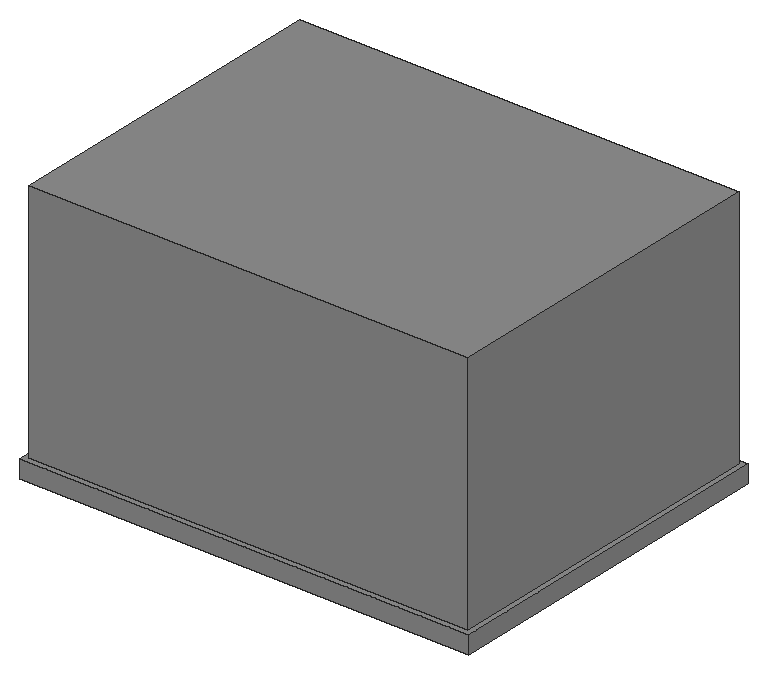
Revit family
Parameters (values of type "38AUZ25")
  Wired Condenser Coil Grille [instance] = no
  Width = 5' - 7 1/8"
  Voltage = 0 V
  Version = 1
  Unit Material = Paint - Carrier - American Sterling Gray
  URL = "www.carrier.com"
  Type Comments = "20 Tons Air Cooled Condensing Unit"
  Temperature Control [instance] = no
  Suction Connection Size = 1 5/8"
  Suction Connection Radus = Suction Connection Size / 2  # 13/16"
  Special Coated Coil Protection [instance] = no
  Right Clearance = 3' - 0"
  Programmable Thermostat [instance] = no
  Model = "38AUZ25"
  Manufacturer = "Carrier"  # constant formula
  MOCP = 0 A
  MCA = 0 A
  Louvered Hail Guard [instance] = no
  Liquid Connection Size = 5/8"
  Liquid Connection Radius = Liquid Connection Size / 2  # 5/16"
  Length = 7' - 2 3/8"
  Left Clearance = 3' - 0"
  IEER = 11.2
  Height = 4' - 2 3/8"
  Front Clearance = 3' - 6"
  Fan Radius = 1' - 1"
  Fan Centerline from Side = Fan Radius + 0' 4"  # 1' - 5"
  Fan Centerline from Front and Back = Fan Radius + 0' 2"  # 1' - 3"
  EER = 11
  Disconnect Switch [instance] = no
  Disclaimer = "Manufacturer reserves the right to change, at any time, specifications and designs without notice and without obligation.  Please verify critical parameters with local Carrier commercial sales office."  # constant formula
  Convenience Outlet [instance] = no
  Back Clearance = 3' - 0"
  Assembly Code = "D3030"
Reference planes (in)
  plane 1 "Center (Front/Back)": y = 0
  plane 2: z = 0
  plane 3 "Center (Left/Right)": x = 0
  plane 4 "Back Face of Base": y = 33.5625
  plane 5 "Front Face of Base": y = -33.5625
  plane 6 "Left Face of Base": x = -43.1875
  plane 7 "Right Face of Base": x = 43.1875
  plane 8 "Back Clearance Line": y = 69.5625
  plane 9 "Left Clearance Line": x = -79.1875
  plane 10 "Right Clearance Line": x = 79.1875
  plane 11 "Front Clearance Line": y = -75.5625
  plane 12 "Top of Unit": z = 50.375
  plane 13 "Bottom of Unit": z = 0
  plane 14 "Top of Base": z = 3.5
  plane 15 "Back Face of Unit": y = 32.5625
  plane 16 "Front Face of Unit": y = -32.5625
  plane 17 "Left Face of Unit": x = -42.1875
  plane 18 "Right Face of Unit": x = 42.1875
  plane 19 "Rear Fan Centerline": y = 17.5625
  plane 20 "Left Fan Centerline": x = -25.1875
  plane 21 "Right Fan Centerline": x = 25.1875
  plane 22 "Suction Connection": z = 11
  plane 23 "Liquid Connection": z = 5.75
  plane 24 "Power Entry Centerline - Vertical": z = 29.125
  plane 25 "Convenience Outlet Centerline - Vertical": z = 17
  plane 26 "Power Entry Centerline - Horizontal": y = -28.8125
  plane 27 "Convenience Outlet Centerline - Horizontal": y = -28.0625
  plane 28 "Liquid and Section Connections": y = -19.5625
  plane 29 "Front Fan Centerline": y = -10.4375
  plane 30 "Fan Area Centerline": y = 3.5625
Forms (in)
  Extrusion 1, solid, material "Paint - Carrier - American Sterling Gray" <- "Unit Material"
    sketch origin (0, 0, 3.5) x (-1, 0, 0) y (0, -1, 0)
      loop
        line (42.1875, 32.5625) -> (-42.1875, 32.5625) -> (-42.1875, -32.5625) -> (42.1875, -32.5625) -> (42.1875, 32.5625)
    from 0 to 46.875
  Extrusion 2, solid, material "Paint - Carrier - American Sterling Gray" <- "Unit Material"
    sketch origin (0, 0, 0) x (-1, 0, 0) y (0, -1, 0)
      loop
        line (43.1875, 33.5625) -> (-43.1875, 33.5625) -> (-43.1875, -33.5625) -> (43.1875, -33.5625) -> (43.1875, 33.5625)
    from 0 to 3.5
  Extrusion 3, void
    sketch origin (-42.1875, 0, 0) x (0, 1, 0) y (0, 0, 1)
      loop
        circle (-28.8125, 29.125) r 0.75
    from 0 to 0.5
  Extrusion 4, solid, material "Paint - Carrier - American Sterling Gray"
    sketch origin (-42.1875, 0, 0) x (0, 1, 0) y (0, 0, 1)
      loop
        line (-26.8125, 15) -> (-26.8125, 19) -> (-29.3125, 19) -> (-29.3125, 15) -> (-26.8125, 15)
    from 0 to -0.0625
  Extrusion 5, solid, material "Paint - Carrier - American Sterling Gray", detail levels fine
    sketch origin (-42.1875, 0, 0) x (0, 1, 0) y (0, 0, 1)
      loop
        circle (-19.5625, 11) r 1
    from 0 to -0.0625
  Extrusion 6, solid, material "Paint - Carrier - American Sterling Gray", detail levels fine
    sketch origin (-42.1875, 0, 0) x (0, 1, 0) y (0, 0, 1)
      loop
        circle (-19.5625, 5.75) r 0.75
    from 0 to 0.5
Lines and regions (in)
  symbolic lines, style "Clearance Zones", detail levels fine
    curve 1: line (-79.1875, -75.5625, 0) -> (79.1875, -75.5625, 0)
    curve 2: line (-79.1875, 69.5625, 0) -> (-79.1875, -75.5625, 0)
    curve 3: line (79.1875, 69.5625, 0) -> (-79.1875, 69.5625, 0)
    curve 4: line (79.1875, -75.5625, 0) -> (79.1875, 69.5625, 0)
  model lines, detail levels medium+fine
    curve 5: line (-42.1875, -3.5625, 50.375) -> (-42.1875, -3.5625, 3.5)
    curve 6: line (-42.1875, -1.0625, 3.5) -> (-42.1875, -1.0625, 50.375)
    curve 7: line (16.3125, -32.5625, 3.5) -> (16.3125, -32.5625, 50.375)
    curve 8: line (-42.1875, -27.8125, 4.5) -> (-42.1875, -15.8125, 4.5)
    curve 9: line (-42.1875, -27.8125, 13) -> (-42.1875, -27.8125, 4.5)
    curve 10: line (-42.1875, -15.8125, 13) -> (-42.1875, -27.8125, 13)
    curve 11: line (-42.1875, -15.8125, 4.5) -> (-42.1875, -15.8125, 13)
    curve 12: line (1.8125, -32.5625, 50.375) -> (1.8125, -32.5625, 3.5)
    curve 13: line (13.8125, -32.5625, 50.375) -> (13.8125, -32.5625, 3.5)
    curve 14: line (-42.1875, -24.5625, 50.375) -> (42.1875, -24.5625, 50.375)
Dimensions and locks (in)
  equal spacing: plane 6 "Left Face of Base", plane 3 "Center (Left/Right)", plane 7 "Right Face of Base"
  "Length": plane 6 "Left Face of Base" to plane 7 "Right Face of Base"
  equal spacing: plane 4 "Back Face of Base", plane 1 "Center (Front/Back)", plane 5 "Front Face of Base"
  "Width": plane 4 "Back Face of Base" to plane 5 "Front Face of Base"
  "Left Clearance": plane 9 "Left Clearance Line" to plane 6 "Left Face of Base"
  "Right Clearance": plane 7 "Right Face of Base" to plane 10 "Right Clearance Line"
  "Back Clearance": plane 8 "Back Clearance Line" to plane 4 "Back Face of Base"
  "Front Clearance": plane 5 "Front Face of Base" to plane 11 "Front Clearance Line"
  "Height": plane 12 "Top of Unit" to level
  locked: plane 14 "Top of Base" to plane 13 "Bottom of Unit" at 3.5
  locked: plane 4 "Back Face of Base" to plane 15 "Back Face of Unit" at 1
  locked: plane 16 "Front Face of Unit" to plane 5 "Front Face of Base" at 1
  locked: plane 6 "Left Face of Base" to plane 17 "Left Face of Unit" at 1
  locked: plane 18 "Right Face of Unit" to plane 7 "Right Face of Base" at 1
  "Fan Centerline from Side": plane 17 "Left Face of Unit" to plane 20 "Left Fan Centerline"
  "Fan Centerline from Side": plane 21 "Right Fan Centerline" to plane 18 "Right Face of Unit"
  locked: curve 5 to plane 5 "Front Face of Base" at 30
  locked: curve 6 to curve 5 at 2.5
  locked: curve 8 to plane 14 "Top of Base" at 1
  locked: curve 10 to plane 13 "Bottom of Unit" at 13
  locked: plane 16 "Front Face of Unit" to curve 9 at 4.75
  locked: curve 9 to curve 11 at 12
  locked: plane 23 "Liquid Connection" to plane 13 "Bottom of Unit" at 5.75
  locked: plane 22 "Suction Connection" to plane 13 "Bottom of Unit" at 11
  locked: plane 12 "Top of Unit" to plane 24 "Power Entry Centerline - Vertical" at 21.25
  locked: plane 25 "Convenience Outlet Centerline - Vertical" to plane 13 "Bottom of Unit" at 17
  locked: plane 26 "Power Entry Centerline - Horizontal" to plane 16 "Front Face of Unit" at 3.75
  locked: plane 27 "Convenience Outlet Centerline - Horizontal" to plane 16 "Front Face of Unit" at 4.5
  Extrusion 4 sketch curve to plane 27 "Convenience Outlet Centerline - Horizontal" to Extrusion 4 sketch curve = 0' - 1 1/4" locked, 0' - 1 1/4" locked
  Extrusion 4 sketch curve to plane 25 "Convenience Outlet Centerline - Vertical" to Extrusion 4 sketch curve = 0' - 2" locked, 0' - 2" locked
  locked: curve 12 to curve 13 at 12
  locked: curve 13 to curve 7 at 2.5
  locked: curve 12 to plane 17 "Left Face of Unit" at 44
  locked: curve 14 to plane 16 "Front Face of Unit" at 8
  locked: plane 30 "Fan Area Centerline" to plane 29 "Front Fan Centerline" at 14
  locked: plane 19 "Rear Fan Centerline" to plane 30 "Fan Area Centerline" at 14
  locked: plane 15 "Back Face of Unit" to plane 19 "Rear Fan Centerline" at 15
  locked: plane 28 "Liquid and Section Connections" to plane 5 "Front Face of Base" at 14
  radius of Extrusion 3 sketch curve = 0' - 0 3/4"
  radius of Extrusion 5 sketch curve = 0' - 1"
  radius of Extrusion 6 sketch curve = 0' - 0 3/4"
  aligned and locked: level to plane 2
  aligned and locked: plane 8 "Back Clearance Line" to curve 3
  aligned and locked: plane 10 "Right Clearance Line" to curve 4
  aligned and locked: curve 1 to plane 11 "Front Clearance Line"
  aligned and locked: curve 2 to plane 9 "Left Clearance Line"
  aligned and locked: level to plane 13 "Bottom of Unit"
  aligned and locked: plane 15 "Back Face of Unit" to Extrusion 1
  aligned and locked: plane 18 "Right Face of Unit" to Extrusion 1
  aligned and locked: Extrusion 1 to plane 16 "Front Face of Unit"
  aligned and locked: Extrusion 1 to plane 17 "Left Face of Unit"
  aligned and locked: Extrusion 1 to plane 14 "Top of Base"
  aligned and locked: plane 12 "Top of Unit" to Extrusion 1
  aligned and locked: Extrusion 2 to plane 6 "Left Face of Base"
  aligned and locked: plane 4 "Back Face of Base" to Extrusion 2
  aligned and locked: plane 7 "Right Face of Base" to Extrusion 2
  aligned and locked: Extrusion 2 to plane 5 "Front Face of Base"
  aligned and locked: Extrusion 2 to plane 13 "Bottom of Unit"
  aligned and locked: plane 14 "Top of Base" to Extrusion 2
  aligned and locked: plane 12 "Top of Unit" to curve 5
  aligned and locked: plane 14 "Top of Base" to curve 5
  aligned and locked: plane 12 "Top of Unit" to curve 6
  aligned and locked: plane 14 "Top of Base" to curve 6
  aligned and locked: plane 12 "Top of Unit" to curve 7
  aligned and locked: plane 14 "Top of Base" to curve 7
  aligned and locked: plane 24 "Power Entry Centerline - Vertical" to Extrusion 3 sketch curve
  aligned and locked: plane 26 "Power Entry Centerline - Horizontal" to Extrusion 3 sketch curve
  aligned and locked: plane 17 "Left Face of Unit" to Extrusion 4
  aligned and locked: plane 14 "Top of Base" to curve 13
  aligned and locked: plane 14 "Top of Base" to curve 12
  aligned and locked: plane 12 "Top of Unit" to curve 13
  aligned and locked: plane 12 "Top of Unit" to curve 12
  aligned and locked: plane 28 "Liquid and Section Connections" to Extrusion 5 sketch curve
  aligned and locked: plane 22 "Suction Connection" to Extrusion 5 sketch curve
  aligned and locked: Extrusion 3 to plane 17 "Left Face of Unit"
  aligned and locked: plane 23 "Liquid Connection" to Extrusion 6 sketch curve
  aligned and locked: plane 28 "Liquid and Section Connections" to Extrusion 6 sketch curve
  aligned and locked: Extrusion 6 to plane 17 "Left Face of Unit"
  aligned and locked: plane 18 "Right Face of Unit" to curve 14
  aligned and locked: plane 17 "Left Face of Unit" to curve 14
  aligned and locked: plane 3 "Center (Left/Right)" to nested 2
  aligned and locked: plane 3 "Center (Left/Right)" to nested 3
  aligned and locked: plane 21 "Right Fan Centerline" to nested 4
  aligned and locked: plane 20 "Left Fan Centerline" to nested 1
  aligned and locked: nested 1 to plane 30 "Fan Area Centerline"
  aligned and locked: nested 4 to plane 30 "Fan Area Centerline"
  aligned and locked: nested 2 to plane 19 "Rear Fan Centerline"
  aligned and locked: nested 3 to plane 29 "Front Fan Centerline"
Automatic sketch dimensions
  Extrusion 1 sketch curve to plane 18 "Right Face of Unit" = 0' - 0"
  plane 17 "Left Face of Unit" to Extrusion 1 sketch curve = 0' - 0"
  Extrusion 1 sketch curve to plane 15 "Back Face of Unit" = 0' - 0"
  plane 16 "Front Face of Unit" to Extrusion 1 sketch curve = 0' - 0"
  plane 7 "Right Face of Base" to Extrusion 2 sketch curve = 0' - 0"
  Extrusion 2 sketch curve to plane 6 "Left Face of Base" = 0' - 0"
  plane 4 "Back Face of Base" to Extrusion 2 sketch curve = 0' - 0"
  Extrusion 2 sketch curve to plane 5 "Front Face of Base" = 0' - 0"
Nested families (in)
  nested 1: "Fan-Grill-Carrier" at (-25.1875, 3.5625, 50.375), built-in parameter 1001364 <- "Height", type "Fan-Grill-Carrier", detail levels medium+fine
  nested 2: "Fan-Grill-Carrier" at (0, 17.5625, 50.375), built-in parameter 1001364 <- "Height", type "Fan-Grill-Carrier", detail levels medium+fine
  nested 3: "Fan-Grill-Carrier" at (0, -10.4375, 50.375), built-in parameter 1001364 <- "Height", type "Fan-Grill-Carrier", detail levels medium+fine
  nested 4: "Fan-Grill-Carrier" at (25.1875, 3.5625, 50.375), built-in parameter 1001364 <- "Height", type "Fan-Grill-Carrier", detail levels medium+fine
Connectors (in)
  electrical at (-42.1875, -28.8125, 29.125)
    settings: on Extrusion 3, index 5, voltage 0 V, apparent load 0 VA, apparent load phase1 0 VA, apparent load phase2 0 VA, apparent load phase3 0 VA, power factor 1, load classification "Motor", number of poles 3, system type 30, power factor state 1, is connector primary yes, connector utility no, sub classification motor no, connector description "Primary Power"
  piping at (-42.1875, -19.5625, 5.75), driven by "Liquid Connection Radius"
    settings: on Extrusion 6, index 9, connector radius 5/16", flow factor 0, pipe flow 0 GPM, pressure drop 0.00 psi, fitting loss kfactor 0, connector angle 0.00°, fixture units 0, flow configuration 1, flow direction 2, fitting loss method 0, system type 22, connector reference index -1, connector utility 0, adjustable connector no, is connector primary yes, fitting loss table "", connector description "Liquid Connection"
  piping at (-42.25, -19.5625, 11), driven by "Suction Connection Radus"
    settings: on Extrusion 5, index 10, connector radius 13/16", flow factor 0, pipe flow 0 GPM, pressure drop 0.00 psi, fitting loss kfactor 0, connector angle 0.00°, fixture units 0, flow configuration 1, flow direction 1, fitting loss method 0, system type 22, connector reference index -1, connector utility 0, adjustable connector no, is connector primary no, fitting loss table "", connector description "Suction Connection"
Definition of nested family "Fan-Grill-Carrier"
  Parameters (values of type "OutdoorFan")
    Fan Radius = 0' - 11"
    Fan 3rd Circle Radius = Fan Radius * 0.75  # 0' - 8 1/4"
    Fan 2nd Circle Radius = Fan Radius * 0.5  # 0' - 5 1/2"
    Fan Inner Circle Radius = Fan Radius * 0.25  # 0' - 2 3/4"
    Assembly Code = ""
  Reference planes (in)
    plane 1 "Center (Front/Back)": y = 0
    plane 2: z = 0
    plane 3 "Center (Left/Right)": x = 0
  Lines and regions (in)
    model lines, style "Fan", detail levels medium+fine
      curve 1: circle (0, 0, 0) r 11 normal (0, 0, 1)
      curve 2: circle (0, 0, 0) r 5.5 normal (0, 0, 1)
      curve 3: circle (0, 0, 0) r 2.75 normal (0, 0, 1)
      curve 4: circle (0, 0, 0) r 8.25 normal (0, 0, 1)
  Dimensions and locks (in)
    "Fan Radius": radius of curve 1
    "Fan 3rd Circle Radius": radius of curve 4
    "Fan Inner Circle Radius": radius of curve 3
    "Fan 2nd Circle Radius": radius of curve 2
    aligned and locked: level to plane 2
  Automatic sketch dimensions
    curve 1 to curve 3 = 0' - 0"  (x2)
    curve 2 to curve 4 = 0' - 0"  (x2)
    curve 3 to curve 4 = 0' - 0"  (x2)
    plane 1 "Center (Front/Back)" to curve 2 = 0' - 0"
    curve 2 to plane 3 "Center (Left/Right)" = 0' - 0"
